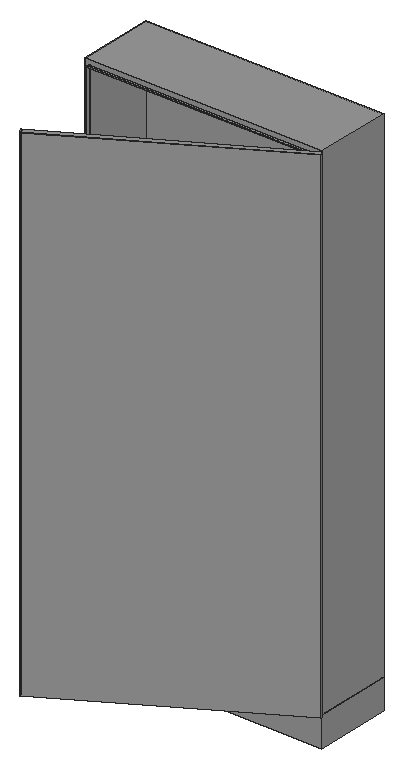
Revit family "Hager-Univers-IP55-D275-H1800-Cl.I-Steel_encl-NoHosted-PL-en", category Equipement électrique, Revit 2020
Family settings
  Configuration du panneau = Deux colonnes, circuits au sein
  Cote de connecteur circulaire = Utiliser le diamètre
  Type d'élément = Tableau de raccordement
  Basée sur le plan de construction = Oui
  Toujours verticalement = Oui
  Couper avec des vides une fois chargée = Non
  Partagée = Non
  Point de calcul de pièce = Non
Parameters (values of type "Floor installation IP55 W800 H1800 D275  - FR13E1")
  Width Control [instance] = if([EF000008 - Width] > Min Width, [EF000008 - Width], Min Width)  # 800 mm
  Commentaires du type = [HG000003 - Range]  # "Univers"
  Thickness Door [instance] = if([EF009171 - Material plate thickness door/cover] > 3 mm, 3 mm, [EF009171 - Material plate thickness door/cover])  # 1.5 mm
  Seal Frame Offset [instance] = 17 mm  # constant formula
  Plinth Visibility [instance] = [HG000027 - Plinth height] > 0 mm  # yes
  Min Width [instance] = 100 mm  # constant formula
  Min Depth [instance] = (2 * [EF009170 - Material plate thickness cabinet]) + 1 mm  # 4 mm
  Min Height [instance] = 100 mm  # constant formula
  Internal Frame Depth [instance] = (Door System Depth * 0.5)  # 9 mm
  Panel Name [instance] = ""  # (empty or 0)
  Model = ""
  HG000027 - Plinth height = 100 mm
  HG000026 - Floor standing = yes
  HG000024 - Bottom section height = 600 mm
  HG000023 - Double section enclosure = no
  HG000016 - Door 3d visibility [instance] = yes
  HG000015 - Clearance visibility [instance] = no
  HG000014 - Door on the right [instance] = yes
  HG000013 - Door on the left [instance] = not([HG000014 - Door on the right])  # no
  HG000012 - Door swing angle [instance] = 30.00°
  HG000010 - Asymmetric doors = no
  HG000009 - Double swing door = no
  HG000006 - Flush mounted = no
  HG000004 - Manufacturer reference = "FR13E1"
  HG000003 - Range = "Univers"
  HG000002 - With door or cover = yes
  Frame Offset Bottom [instance] = 10 mm  # constant formula
  Frame Offset [instance] = 15 mm  # constant formula
  EF015940 - Cover with overpressure release = no
  EF011959 - Degree of protection (NEMA) = ""
  EF009554 - Number of openings for flange plates = 6
  EF009212 - Cover model = "EV000116 - Closed"
  EF009171 - Material plate thickness door/cover = 1.5 mm
  EF009170 - Material plate thickness cabinet = 1.5 mm
  EF008873 - Nominal current (In) = 800 A
  EF007800 - Suitable for lightning protection = no
  EF006306 - With lock = no
  EF006244 - Transparent cover/door = no
  EF005474 - Degree of protection (IP) = "EV006420 - IP55"
  EF004464 - Type of door = "EV002646 - Single"
  EF004427 - Number of modules = 396
  EF004293 - Impact strength = "EV008784 - IK10"
  EF003532 - Suitable for outdoor use = no
  EF002950 - Width in number of modular spacings = 24
  EF001613 - Circuit integrity = "EV000494 - None"
  EF001596 - Material housing = "EV000179 - Steel"
  EF001131 - Internal depth = 275 mm
  EF001088 - Extension possible = yes
  EF000437 - Number of conduit inlets = 6
  EF000339 - Type of cover = "EV004216 - Door"
  EF000266 - Number of rows = 11
  EF000218 - Built-in depth = 0 mm
  EF000118 - With mounting plate = no
  EF000116 - RAL-number = "7035"
  EF000049 - Depth = 275 mm
  EF000040 - Height = 1800 mm
  EF000008 - Width = 800 mm
  EF000007 - Colour = "EV000270 - Grey"
  EF000003 - Mounting method = "EV012274 - Floor installation"
  Door System Leaf Tolerance [instance] = 1.5 mm  # constant formula
  Door System Depth [instance] = 18 mm  # constant formula
  Door Height [instance] = Height Control - [HG000027 - Plinth height]  # 1700 mm
  Description = ""
  Default Elevation = 1219.2 mm
  Connector Offset [instance] = Height Control / 2  # 900 mm
  Fabricant = "Hager"  # constant formula
  Height Control [instance] = if([EF000040 - Height] > Min Height, [EF000040 - Height], Min Height)  # 1800 mm
  Depth Control [instance] = if([EF000049 - Depth] > Min Depth, [EF000049 - Depth], Min Depth)  # 275 mm
  Bottom Top Plate Trim [instance] = 1.5 mm  # constant formula
  Plinth height Ctrl [instance] = if([HG000027 - Plinth height] > 0 mm, [HG000027 - Plinth height], 12 mm)  # 100 mm
Types (5, lengths in mm): name | Width Control | HG000010 - Asymmetric doors | HG000009 - Double swing door | HG000004 - Manufacturer reference | EF009554 - Number of openings for flange plates | EF004464 - Type of door | EF004427 - Number of modules | EF000437 - Number of conduit inlets | EF000008 - Width
  Floor installation IP55 W1050 H1800 D275  - FR14E1 | 1050 | yes | yes | "FR14E1" | 8 | "EV003602 - Double" | 528 | 8 | 1050
  Floor installation IP55 W1300 H1800 D275  - FR15E1 | 1300 | yes | yes | "FR15E1" | 10 | "EV003602 - Double" | 660 | 10 | 1300
  Floor installation IP55 W300 H1800 D275  - FR11E1 | 300 | no | no | "FR11E1" | 2 | "EV002646 - Single" | 132 | 2 | 300
  Floor installation IP55 W550 H1800 D275  - FR12E1 | 550 | no | no | "FR12E1" | 4 | "EV002646 - Single" | 264 | 4 | 550
  Floor installation IP55 W800 H1800 D275  - FR13E1 | 800 | no | no | "FR13E1" | 6 | "EV002646 - Single" | 396 | 6 | 800
Reference planes
  plane 1 "Center (Front/Back)": y = 0
  plane 2: z = 0
  plane 3 "Center (Left/Right)": x = 0
  plane 4: y = 0
  plane 5: y = 0
  plane 6: z = 0
  plane 7: x = -400
  plane 8: x = 400
  plane 9: x = 398.5
  plane 10: x = -398.5
  plane 11: z = 100
  plane 12: z = 101.5
  plane 13: y = -275
  plane 14: y = -1.5
  plane 15: x = 0
  plane 16: y = -257
  plane 17: y = -273.5
  plane 18: y = -255.5
  plane 19: x = -383.5
  plane 20: x = 383.5
  plane 21: z = 111.5
  plane 22: x = -383
  plane 23: x = 383
  plane 24: z = 100
  plane 25: z = 1800
  plane 26: z = 1800
  plane 27: z = 1783.5
  plane 28: z = 1798.5
Forms (mm)
  Extrusion 1, solid, material "Hager_Steel_RAL7035_Light_Grey", detail levels medium+fine
    sketch origin (-208.679, -4572, 100) x (-1, 0, 0) y (0, -1, 0)
      loop
        line (191.321, -4315) -> (-608.679, -4315) -> (-608.679, -4572) -> (191.321, -4572) -> (191.321, -4315)
    from 0 to 1700
  Extrusion 2, void
    sketch origin (-350.771, -275, 1219.2) x (1, 0, 0) y (0, 0, 1)
      loop
        line (-47.729, 579.3) -> (-47.729, -1117.7) -> (749.271, -1117.7) -> (749.271, 579.3) -> (-47.729, 579.3)
    from -19.5 to -273.5
  Extrusion 3, void
    sketch origin (-290.084, -257, 1219.2) x (1, 0, 0) y (0, 0, 1)
      loop
        line (-93.416, -1107.7) -> (673.584, -1107.7) -> (673.584, 564.3) -> (-93.416, 564.3) -> (-93.416, -1107.7)
    from 0 to -1.5
  Extrusion 4, solid, material "Hager_Steel_RAL7035_Light_Grey", visible <- "Plinth Visibility", detail levels medium+fine
    sketch origin (0, 0, 0) x (1, 0, 0) y (0, 1, 0)
      loop
        line (-400, 0) -> (-400, -257) -> (400, -257) -> (400, 0) -> (-400, 0)
    from 0 to 100 <- "Plinth height Ctrl"
  Extrusion 5, solid, material "Hager_Steel_RAL7035_Light_Grey", detail levels coarse
    sketch origin (0, 0, 0) x (1, 0, 0) y (0, 1, 0)
      loop
        line (-400, 0) -> (-400, -275) -> (400, -275) -> (400, 0) -> (-400, 0)
    from 0 to 1800 <- "Height Control"
  Sweep 6, void
    path in 3D
      loop
        line (-400, -257, 100) -> (400, -257, 100) -> (400, 0, 100) -> (-400, 0, 100) -> (-400, -257, 100)
    profile origin (-400, -128.5, 100) x (1, 0, 0) y (0, 0, 1)
      loop
        line (0, 0) -> (0, -1.5) -> (1.5, -1.5)
        arc (1.5, -1.5) -> (1.061, -0.439) -> (0, 0) r 1.5
  Extrusion 7, solid, material "Hager_Steel_RAL7035_Light_Grey", detail levels fine
    sketch origin (-400, -257, 100) x (1, 0, 0) y (0, 0, 1)
      loop
        line (16.5, 11.5) -> (783.5, 11.5) -> (783.5, 1683.5) -> (16.5, 1683.5) -> (16.5, 11.5)
      loop
        line (15, 10) -> (785, 10) -> (785, 1685) -> (15, 1685) -> (15, 10)
    from 0 to 9 <- "Internal Frame Depth"
Cuts and joins
  Extrusion 2, Extrusion 3 cuts Extrusion 1
  Sweep 6 cuts Extrusion 4
Lines and regions (mm)
  Masking region 1
    outline origin (0, 0, 0) x (1, 0, 0) y (0, 1, 0)
      loop
        line (-400, 0) -> (-400, -275) -> (400, -275) -> (400, 0) -> (-400, 0)
  Masking region 2, detail levels coarse
    outline origin (-290.084, -257, 1219.2) x (-1, 0, 0) y (0, 0, 1)
      loop
        line (-690.084, -1219.2) -> (109.916, -1219.2) -> (109.916, 580.8) -> (-690.084, 580.8) -> (-690.084, -1219.2)
  Masking region 3, detail levels coarse
    outline origin (0, 0, 0) x (0, 1, 0) y (0, 0, 1)
      loop
        line (0, 0) -> (0, 1800) -> (-275, 1800) -> (-275, 0) -> (0, 0)
  Masking region 4, visible <- "Plinth Visibility", detail levels medium+fine
    outline origin (0, 0, 0) x (0, 1, 0) y (0, 0, 1)
      loop
        line (-1.5, 100) -> (-255.5, 100)
        arc (-255.5, 100) -> (-255.939, 98.939) -> (-257, 98.5) r 1.5
        line (-257, 98.5) -> (-257, 0) -> (0, 0) -> (0, 98.5)
        arc (0, 98.5) -> (-1.061, 98.939) -> (-1.5, 100) r 1.5
  Masking region 5, detail levels medium+fine
    outline origin (0, 0, 594.038) x (0, 1, 0) y (0, 0, 1)
      loop
        line (0, -494.038) -> (0, 1205.962) -> (-257, 1205.962) -> (-257, -494.038) -> (0, -494.038)
  Masking region 6, detail levels medium+fine
    outline origin (-359.7, -257, 1211.883) x (-1, 0, 0) y (0, 0, 1)
      loop
        line (-759.7, -1111.883) -> (40.3, -1111.883) -> (40.3, 588.117) -> (-759.7, 588.117) -> (-759.7, -1111.883)
  Masking region 7, visible <- "Plinth Visibility", detail levels medium+fine
    outline origin (-320.334, -257, 1041.368) x (-1, 0, 0) y (0, 0, 1)
      loop
        line (-720.334, -1041.368) -> (79.666, -1041.368) -> (79.666, -942.868)
        arc (79.666, -942.868) -> (78.606, -942.429) -> (78.166, -941.368) r 1.5
        line (78.166, -941.368) -> (-718.834, -941.368)
        arc (-718.834, -941.368) -> (-719.273, -942.429) -> (-720.334, -942.868) r 1.5
        line (-720.334, -942.868) -> (-720.334, -1041.368)
  sketch lines
    curve 1: line (-400, 0, 100) -> (-400, -257, 100)
    curve 2: line (-400, -257, 100) -> (400, -257, 100)
    curve 3: line (400, 0, 100) -> (-400, 0, 100)
    curve 4: line (400, -257, 100) -> (400, 0, 100)
Dimensions and locks
  locked: plane 1 "Center (Front/Back)" to plane 5
  "EF009170 - Material plate thickness cabinet": plane 7 to plane 10
  "EF009170 - Material plate thickness cabinet": plane 8 to plane 9
  equal spacing: plane 7, plane 3 "Center (Left/Right)", plane 8
  "Width Control": plane 7 to plane 8
  "Depth Control": plane 4 to plane 13
  "EF009170 - Material plate thickness cabinet": plane 4 to plane 14
  "Height Control": plane 25 to level
  "HG000027 - Plinth height": plane 11 to level
  "EF009170 - Material plate thickness cabinet": plane 12 to plane 11
  "EF009170 - Material plate thickness cabinet": plane 17 to plane 13
  "EF009170 - Material plate thickness cabinet": plane 18 to plane 16
  "Frame Offset Bottom": plane 21 to plane 12
  "Frame Offset": plane 10 to plane 19
  "Frame Offset": plane 9 to plane 20
  "Door System Depth": plane 16 to plane 13
  "Seal Frame Offset": plane 7 to plane 22
  "Seal Frame Offset": plane 8 to plane 23
  "EF009170 - Material plate thickness cabinet": plane 26 to plane 28
  "Frame Offset": plane 28 to plane 27
  "Connector Offset": plane 2 to connector elem
  "Bottom Top Plate Trim": profile plane to Sweep 6 sketch curve
  "Bottom Top Plate Trim": Sweep 6 sketch curve to Sweep 6 sketch curve
  "Plinth height Ctrl": Masking region 4 sketch curve to level
  "Plinth height Ctrl": Masking region 7 sketch curve to level
  "Thickness Door": Extrusion 7 sketch curve to Extrusion 7 sketch curve  (x4)
  "Bottom Top Plate Trim": radius of Sweep 6 sketch curve
  "Bottom Top Plate Trim": radius of Masking region 4 sketch curve  (x2)
  "Bottom Top Plate Trim": radius of Masking region 7 sketch curve  (x2)
  aligned and locked: Extrusion 2 sketch curve to plane 12
  aligned and locked: Extrusion 2 sketch curve to plane 9
  aligned and locked: Extrusion 2 sketch curve to plane 10
  aligned and locked: Extrusion 2 to plane 14
  aligned and locked: Extrusion 1 sketch curve to plane 4
  aligned and locked: plane 8 to Extrusion 1 sketch curve
  aligned and locked: plane 7 to Extrusion 1 sketch curve
  aligned and locked: Extrusion 2 to plane 18
  aligned and locked: Extrusion 3 sketch curve to plane 19
  aligned and locked: plane 20 to Extrusion 3 sketch curve
  aligned and locked: Extrusion 3 to Extrusion 2
  aligned and locked: Extrusion 3 sketch curve to plane 21
  aligned and locked: plane 3 "Center (Left/Right)" to nested 1
  aligned and locked: Extrusion 1 sketch curve to plane 16
  aligned and locked: Extrusion 4 sketch curve to cut or joined group of Extrusion 1, Extrusion 2, Extrusion 3
  aligned and locked: Masking region 1 sketch curve to plane 7
  aligned and locked: Masking region 1 sketch curve to plane 5
  aligned and locked: Masking region 1 sketch curve to plane 8
  aligned and locked: Masking region 2 sketch curve to level
  aligned and locked: level to Masking region 3 sketch curve
  aligned and locked: plane 1 "Center (Front/Back)" to Masking region 3 sketch curve
  aligned and locked: plane 13 to Masking region 3 sketch curve
  aligned and locked: plane 5 to Masking region 4 sketch curve
  aligned and locked: Masking region 2 sketch curve to plane 8
  aligned and locked: Masking region 2 sketch curve to plane 7
  aligned and locked: plane 7 to nested 2
  aligned and locked: nested 2 to plane 5
  aligned and locked: plane 5 to Masking region 5 sketch curve
  aligned and locked: plane 26 to Masking region 5 sketch curve
  aligned and locked: Extrusion 5 sketch curve to plane 8
  aligned and locked: Extrusion 5 sketch curve to plane 7
  aligned and locked: Extrusion 5 sketch curve to plane 5
  aligned and locked: Extrusion 3 sketch curve to plane 27
  aligned and locked: Extrusion 2 sketch curve to plane 28
  aligned and locked: Masking region 2 to plane 25
  aligned and locked: Extrusion 4 to plane 16
  aligned and locked: profile plane to Sweep 6 sketch curve
  aligned and locked: Masking region 5 sketch curve to plane 24
  aligned and locked: level to Masking region 4 sketch curve
  aligned and locked: Masking region 1 to plane 13
  aligned and locked: nested 1 to plane 16
  aligned and locked: Masking region 3 to plane 25
  aligned and locked: plane 16 to Masking region 4 sketch curve
  aligned and locked: Masking region 5 sketch curve to plane 16
  aligned and locked: plane 24 to plane 11
  aligned and locked: plane 26 to plane 25
  aligned and locked: plane 26 to cut or joined group of Extrusion 1, Extrusion 2, Extrusion 3
  aligned and locked: nested 1 to plane 24
  aligned and locked: Extrusion 1 to Extrusion 3
  aligned and locked: Masking region 6 sketch curve to plane 8
  aligned and locked: Masking region 6 sketch curve to plane 24
  aligned and locked: Masking region 6 sketch curve to plane 7
  aligned and locked: Masking region 6 sketch curve to plane 26
  aligned and locked: Masking region 7 sketch curve to plane 7
  aligned and locked: level to Masking region 7 sketch curve
  aligned and locked: Masking region 7 sketch curve to plane 8
  aligned and locked: Extrusion 7 sketch curve to cut or joined group of Extrusion 1, Extrusion 2, Extrusion 3  (x4)
Automatic sketch dimensions
  plane 19 to Extrusion 3 sketch curve = 0 mm
  Extrusion 3 sketch curve to plane 20 = 0 mm
  Extrusion 3 sketch curve to plane 21 = 0 mm
  Extrusion 4 sketch curve to plane 7 = 0 mm
  Extrusion 4 sketch curve to plane 8 = 0 mm
  Extrusion 4 sketch curve to plane 16 = 0 mm
  Masking region 1 sketch curve to plane 13 = 0 mm
  Masking region 2 sketch curve to plane 25 = 0 mm
  Masking region 3 sketch curve to plane 25 = 0 mm
  Extrusion 5 sketch curve to plane 13 = 0 mm
  profile plane to Sweep 6 sketch curve = 0 mm
Nested families
  nested 1: "EC000058_Univers_Door" at (0, -257, 100), Double <- "HG000009 - Double swing door", Transparent <- "EF006244 - Transparent cover/door", Angle <- "HG000012 - Door swing angle", Door_Right <- "HG000014 - Door on the right", Assymetrical <- "HG000010 - Asymmetric doors", Door <- "HG000002 - With door or cover", Width_Ctrl <- "Width Control", 3d_Door <- "HG000016 - Door 3d visibility", Clearance <- "HG000015 - Clearance visibility", Door_Left <- "HG000013 - Door on the left", Width <- "Width Control", Door_Depth <- "Door System Depth", Leaf_Tolerance <- "Door System Leaf Tolerance", Height <- "Door Height", Lock_Visibility <- "EF006306 - With lock", Thickness <- "Thickness Door", type "EC000058_Univers_Door", detail levels medium+fine
    with min_wh 4 mm, Width_Ctrl 800 mm, Width 800 mm, Transparent no, Thickness 1.5 mm, Seal_Material Hager_Rubber, Lock_Visibility no, Lock_Material Hager_Plastic_RAL9005_Jet_Black, Leaf_Width 800 mm, Leaf_Tolerance_External_Sides 0 mm, Leaf_Tolerance 1.5 mm, Leaf_Offset 0 mm, Leaf_Height 1697 mm, Leaf_2_Width 800 mm, Leaf_2_Offset 400 mm, Leaf_1_Width 800 mm, Leaf_1_Offset 400 mm, Height_Ctrl 1700 mm, Height 1700 mm, Glass_Material Hager_Glass, Double_Clearance_Ctrl no, Double no, Door_Right_Ctrl yes, Door_Right yes, Door_Material Hager_Steel_RAL7035_Light_Grey, Door_Left_Ctrl no, Door_Left no, Door_Depth 18 mm, Door yes, Clearance_Material Hager_Clearance, Clearance_Depth 800 mm, Clearance_Ctrl no, Clearance no, Assymetrical no, Angle 30.00°, 3d_Door yes
  nested 2: "Hager_Enclosure_Symbol" at (-400, 0, 0), Height <- "Depth Control", Width <- "Width Control", type "Hager_Enclosure_Symbol"
    with Width_Ctrl 800 mm, Width 800 mm, Height_Ctrl 275 mm, Height 275 mm, A_Width_Int 18.047 mm, A_Width 216.562 mm, A_Height_Ctrl 240.625 mm, A_Height 240.625 mm
Connectors
  electrical at (0, 0, 900)
    settings: on plane 1 "Center (Front/Back)", index 1, voltage 0 V, apparent load 0 VA, apparent load phase1 0 VA, apparent load phase2 0 VA, apparent load phase3 0 VA, power factor 1, load classification "Other", number of poles 1, system type 30, power factor state 1, is connector primary yes, connector utility no, sub classification motor no, connector description ""
Definition of nested family "EC000058_Univers_Door"
  Parameters (values of type "EC000058_Univers_Door")
    min_wh [instance] = (2 * Thickness) + 1 mm  # 11 mm
    Width_Ctrl [instance] = 400 mm
    Width [instance] = 500 mm
    Transparent [instance] = yes
    Thickness [instance] = 5 mm
    Seal_Material [instance] = none
    Lock_Visibility [instance] = yes
    Lock_Material [instance] = none
    Leaf_Width [instance] = if((Width_Ctrl - 2 * Leaf_Tolerance_External_Sides) > 0 mm, (Width_Ctrl - 2 * Leaf_Tolerance_External_Sides), min_wh)  # 400 mm
    Leaf_Tolerance_External_Sides [instance] = 0 mm  # constant formula
    Leaf_Tolerance [instance] = 1.5 mm
    Leaf_Offset [instance] = 0 mm  # constant formula
    Leaf_Height [instance] = if((Height_Ctrl - 2 * Leaf_Tolerance) > 0 mm, (Height_Ctrl - 2 * Leaf_Tolerance), min_wh)  # 497 mm
    Leaf_2_Width [instance] = if(and(and(Double, Assymetrical), Door_Left), (Leaf_Width / 3) - (Leaf_Tolerance / 2), if(and(and(Double, Assymetrical), Door_Right), (Leaf_Width / 3) * 2 - (Leaf_Tolerance / 2), if(and(Double, not(Assymetrical)), (Leaf_Width / 2) - Leaf_Tolerance, Leaf_Width)))  # 400 mm
    Leaf_2_Offset [instance] = if(and(Double, Assymetrical), Leaf_2_Width / 2, if(and(Double, not(Assymetrical)), Leaf_Width / 4, Leaf_Width / 2))  # 200 mm
    Leaf_1_Width [instance] = if(and(and(Double, Assymetrical), Door_Right), (Leaf_Width / 3) - (Leaf_Tolerance / 2), if(and(and(Double, Assymetrical), Door_Left), (Width / 3) * 2 - (Leaf_Tolerance / 2), if(and(Double, not(Assymetrical)), (Leaf_Width / 2) - Leaf_Tolerance, Leaf_Width)))  # 400 mm
    Leaf_1_Offset [instance] = if(and(Double, Assymetrical), Leaf_1_Width / 2, if(and(Double, not(Assymetrical)), Leaf_Width / 4, Leaf_Width / 2))  # 200 mm
    Height_Ctrl [instance] = if(Height > min_wh, Height, min_wh)  # 500 mm
    Height [instance] = 500 mm
    Glass_Material [instance] = none
    Double_Clearance_Ctrl [instance] = and(Double, Clearance)  # no
    Double [instance] = no
    Door_Right_Ctrl [instance] = and(or(Door_Right, Double), Door)  # yes
    Door_Right [instance] = yes
    Door_Material [instance] = none
    Door_Left_Ctrl [instance] = and(or(Door_Left, Double), Door)  # no
    Door_Left [instance] = no
    Door_Depth [instance] = 30 mm
    Door [instance] = yes
    Default Elevation = 1219.2 mm
    Clearance_Material [instance] = none
    Clearance_Depth [instance] = if(Leaf_1_Width > Leaf_2_Width, Leaf_1_Width, Leaf_2_Width)  # 400 mm
    Clearance_Ctrl [instance] = and(not(Double), Clearance)  # yes
    Clearance [instance] = yes
    Assymetrical [instance] = yes
    Angle [instance] = 30.00°
    3d_Door [instance] = yes
  Reference planes
    plane 1 "Center (Front/Back)": y = 0
    plane 2 "Bottom": z = 0
    plane 3 "Center (Left/Right)": x = 0
    plane 4: z = 500
    plane 5: x = -200
    plane 6: x = 200
    plane 7: z = 500
    plane 8: x = -200
    plane 9: z = 0
    plane 10: x = 200
    plane 11: y = 0
    plane 12: z = 1.5
    plane 13: x = -600
    plane 14: y = -400
    plane 15: x = 600
    plane 16: x = 0
    plane 17: x = 0
    plane 18: x = -200
    plane 19: x = 200
    plane 20: z = 498.5
  Forms (mm)
    Extrusion 1, solid, material <- "Clearance_Material", visible <- "Double_Clearance_Ctrl"
      sketch origin (1200, 0, 0) x (1, 0, 0) y (0, 0, -1)
        loop
          line (-1800, -498.5) -> (-600, -498.5) -> (-600, 0) -> (-1800, 0) -> (-1800, -498.5)
      from 0 to -400
  Dimensions and locks
    equal spacing: plane 5, plane 3 "Center (Left/Right)", plane 6
    "Width_Ctrl": plane 5 to plane 6
    "Leaf_Offset": plane 5 to plane 8
    "Leaf_Offset": plane 6 to plane 10
    "Leaf_Offset": plane 9 to level
    "Leaf_Offset": plane 4 to plane 7
    "Height_Ctrl": plane 4 to level
    "Leaf_Tolerance": plane 12 to plane 9
    locked: plane 11 to plane 1 "Center (Front/Back)"
    "Leaf_1_Offset": plane 18 to plane 16
    "Leaf_2_Offset": plane 17 to plane 19
    "Leaf_1_Width": plane 13 to plane 8
    "Leaf_2_Width": plane 10 to plane 15
    "Clearance_Depth": plane 14 to plane 1 "Center (Front/Back)"
    "Leaf_Tolerance_External_Sides": plane 8 to plane 18
    "Leaf_Tolerance_External_Sides": plane 19 to plane 10
    "Leaf_Tolerance": plane 7 to plane 20
    aligned and locked: level to plane 2 "Bottom"
    aligned and locked: nested 1 to plane 16
    aligned and locked: nested 2 to plane 17
    aligned and locked: Extrusion 1 to plane 13
    aligned and locked: plane 15 to Extrusion 1
    aligned and locked: Extrusion 1 to plane 14
    aligned and locked: plane 12 to nested 1
    aligned and locked: nested 2 to plane 12
    aligned and locked: Extrusion 1 to plane 11
    aligned and locked: plane 20 to Extrusion 1
    aligned and locked: nested 2 to plane 11
    aligned and locked: nested 1 to plane 11
  Automatic sketch dimensions
    Extrusion 1 sketch curve to level = 0 mm
    plane 5 to Extrusion 1 sketch curve = 400 mm
    plane 6 to Extrusion 1 sketch curve = 400 mm
    Extrusion 1 sketch curve to plane 4 = 1.5 mm
  Nested families
    nested 1: "EC000058_Univers_Door_Leaf" at (0, 0, 1.5), Width <- "Leaf_1_Width", visible <- "Door_Left_Ctrl", Leaf_Height <- "Leaf_Height", Angle <- "Angle", 3d_Door <- "3d_Door", Transparent <- "Transparent", Clearance Material <- "Clearance_Material", Clearance <- "Clearance_Ctrl", Door_Material <- "Door_Material", Glass_Material <- "Glass_Material", Door_Depth <- "Door_Depth", Lock_Material <- "Lock_Material", Seal_Material <- "Seal_Material", Lock_Visibility <- "Lock_Visibility", Thickness <- "Thickness", type "EC000058_Univers_Door_Leaf"
      with Width 400 mm, Transparent_Glass_Offset 30 mm, Transparent_Ctrl yes, Transparent yes, Thickness 5 mm, Standard no, Seal_Material none, Seal_D2 8 mm, Seal_D1 1 mm, Offset_Internal_Frame 10 mm, Lock_Width 20 mm, Lock_Visibility_3d yes, Lock_Visibility yes, Lock_Thickness_3 3 mm, Lock_Thickness_2 1 mm, Lock_Thickness_1 3 mm, Lock_Radius_Offset_2 16 mm, Lock_Radius_Offset_1 15 mm, Lock_Radius_2 5 mm, Lock_Radius 6 mm, Lock_Offset 5 mm, Lock_Material none, Lock_Height 80 mm, Lock_Cover_Top_Offset_2d 17 mm, Lock_Cover_Height -65 mm, Leaf_Height 497 mm, Internal_Seal_Thickness 8 mm, Internal_Seal_Depth_2 4.5 mm, Internal_Frame_Depth 25 mm, Glass_Thickness -1 mm, Glass_Offset -2 mm, Glass_Material none, Door_Material none, Door_Depth 30 mm, Clearance Material none, Clearance yes, Angle_Ctrl 30.00°, Angle 30.00°, 3d_Door yes
    nested 2: "EC000058_Univers_Door_Leaf" at (0, 0, 1.5) x (-1, 0, 0) z (0, 0, 1), Width <- "Leaf_2_Width", visible <- "Door_Right_Ctrl", Leaf_Height <- "Leaf_Height", Angle <- "Angle", 3d_Door <- "3d_Door", Transparent <- "Transparent", Clearance Material <- "Clearance_Material", Clearance <- "Clearance_Ctrl", Door_Material <- "Door_Material", Glass_Material <- "Glass_Material", Door_Depth <- "Door_Depth", Lock_Material <- "Lock_Material", Seal_Material <- "Seal_Material", Lock_Visibility <- "Lock_Visibility", Thickness <- "Thickness", type "EC000058_Univers_Door_Leaf"
      with Width 400 mm, Transparent_Glass_Offset 30 mm, Transparent_Ctrl yes, Transparent yes, Thickness 5 mm, Standard no, Seal_Material none, Seal_D2 8 mm, Seal_D1 1 mm, Offset_Internal_Frame 10 mm, Lock_Width 20 mm, Lock_Visibility_3d yes, Lock_Visibility yes, Lock_Thickness_3 3 mm, Lock_Thickness_2 1 mm, Lock_Thickness_1 3 mm, Lock_Radius_Offset_2 16 mm, Lock_Radius_Offset_1 15 mm, Lock_Radius_2 5 mm, Lock_Radius 6 mm, Lock_Offset 5 mm, Lock_Material none, Lock_Height 80 mm, Lock_Cover_Top_Offset_2d 17 mm, Lock_Cover_Height -65 mm, Leaf_Height 497 mm, Internal_Seal_Thickness 8 mm, Internal_Seal_Depth_2 4.5 mm, Internal_Frame_Depth 25 mm, Glass_Thickness -1 mm, Glass_Offset -2 mm, Glass_Material none, Door_Material none, Door_Depth 30 mm, Clearance Material none, Clearance yes, Angle_Ctrl 30.00°, Angle 30.00°, 3d_Door yes
  Definition of nested family "EC000058_Univers_Door_Leaf"
    Parameters (values of type "EC000058_Univers_Door_Leaf")
      Width [instance] = 2000 mm
      Transparent_Glass_Offset [instance] = 30 mm
      Transparent_Ctrl [instance] = and(Transparent, [3d_Door])  # yes
      Transparent [instance] = yes
      Thickness [instance] = 5 mm
      Standard [instance] = and(not(Transparent), [3d_Door])  # no
      Seal_Material [instance] = none
      Seal_D2 [instance] = 8 mm  # constant formula
      Seal_D1 [instance] = 1 mm  # constant formula
      Offset_Internal_Frame [instance] = 10 mm  # constant formula
      Lock_Width [instance] = 20 mm  # constant formula
      Lock_Visibility_3d [instance] = and(Lock_Visibility, [3d_Door])  # yes
      Lock_Visibility [instance] = yes
      Lock_Thickness_3 [instance] = 3 mm  # constant formula
      Lock_Thickness_2 [instance] = 1 mm  # constant formula
      Lock_Thickness_1 [instance] = 3 mm  # constant formula
      Lock_Radius_Offset_2 [instance] = Lock_Radius_Offset_1 + 1 mm  # 16 mm
      Lock_Radius_Offset_1 [instance] = 15 mm  # constant formula
      Lock_Radius_2 [instance] = Lock_Radius - 1 mm  # 5 mm
      Lock_Radius [instance] = 6 mm  # constant formula
      Lock_Offset [instance] = 5 mm  # constant formula
      Lock_Material [instance] = none
      Lock_Height [instance] = 80 mm  # constant formula
      Lock_Cover_Top_Offset_2d [instance] = Lock_Radius_Offset_2 + 1 mm  # 17 mm
      Lock_Cover_Height [instance] = -(Lock_Height - Lock_Radius_Offset_1)  # -65 mm
      Leaf_Height [instance] = 2720.336 mm
      Internal_Seal_Thickness [instance] = 8 mm  # constant formula
      Internal_Seal_Depth_2 [instance] = 4.5 mm  # constant formula
      Internal_Frame_Depth [instance] = if(Door_Depth - Thickness > 5 mm, Door_Depth - Thickness, 5 mm)  # 25 mm
      Glass_Thickness [instance] = if(Thickness > 15 mm, Glass_Offset + 10 mm, -1 mm)  # -1 mm
      Glass_Offset [instance] = if(Thickness > 15 mm, -(Thickness + 10 mm) / 2, -2 mm)  # -2 mm
      Glass_Material [instance] = none
      Door_Material [instance] = none
      Door_Depth [instance] = 30 mm
      Default Elevation = 0 mm
      Clearance Material [instance] = none
      Clearance [instance] = yes
      Angle_Ctrl [instance] = if(Angle > 180.00°, 180.00°, Angle)  # 90.00°
      Angle [instance] = 90.00°
      3d_Door [instance] = yes
    Reference planes
      plane 1 "Center (Front/Back)": y = 0
      plane 2: z = 0
      plane 3 "Center (Left/Right)": x = 0
      plane 4: y = 2000
      plane 5: x = -1000
      plane 6: x = 1000
      plane 7: x = -3000
      plane 8: z = 2720.336
      plane 9: z = 30
      plane 10: z = 2690.336
      plane 11: x = 970
      plane 12: x = -970
      plane 13: y = -3
      plane 14: z = 107.833
      plane 15: y = -5
      plane 16: y = -223.314
      plane 17: x = -1000
      plane 18: z = 1360.168
      plane 19: y = 30
    Forms (mm)
      Extrusion 1, solid, material <- "Clearance Material", visible <- "Clearance"
        sketch origin (0, 0, 0) x (1, 0, 0) y (0, 0, 1)
          loop
            line (-3000, 2720.336) -> (-3000, 0) -> (1000, 0) -> (1000, 2720.336) -> (-3000, 2720.336)
        from 0 to -2000
      Extrusion 2, solid, material <- "Door_Material", visible <- "Standard", detail levels medium+fine
        sketch origin (-1000, 0, 0) x (0, 1, 0) y (-1, 0, 0)
          loop
            line (0, 30) -> (0, 25) -> (2000, 25) -> (2000, 30) -> (0, 30)
        from 0 to 2720.336 <- "Leaf_Height"
      Extrusion 3, solid, material <- "Door_Material", visible <- "Transparent_Ctrl", detail levels medium+fine
        sketch origin (-1000, 0, 0) x (0, 1, 0) y (-1, 0, 0)
          loop
            line (0, 25) -> (2000, 25) -> (2000, 30) -> (0, 30) -> (0, 25)
        from 0 to 2720.336 <- "Leaf_Height"
      Extrusion 4, void
        sketch origin (-1025, 2000, 0) x (0, 1, 0) y (0, 0, -1)
          loop
            line (-30, -2690.336) -> (-30, -30) -> (-1970, -30) -> (-1970, -2690.336) -> (-30, -2690.336)
        from 0 to 5 <- "Thickness"
      Sweep 5, solid, material <- "Seal_Material", visible <- "Transparent_Ctrl", detail levels fine
        path in 3D
          loop
            line (-1025, 30, 30) -> (-1025, 30, 2690.336) -> (-1025, 1970, 2690.336) -> (-1025, 1970, 30) -> (-1025, 30, 30)
        profile origin (-1025, 1000, 30) x (1, 0, 0) y (0, 0, 1)
          loop
            line (0, 0) -> (0, -8) -> (1, -8) -> (1, 0) -> (0, 0)
      Extrusion 6, solid, material <- "Glass_Material", visible <- "Transparent_Ctrl", detail levels medium+fine
        sketch origin (-1030, 0, 0) x (0, 1, 0) y (0, 0, -1)
          loop
            line (1970, -2690.336) -> (1970, -30) -> (30, -30) -> (30, -2690.336) -> (1970, -2690.336)
        from -2 <- "Glass_Offset" to -1 <- "Glass_Thickness"
      Extrusion 7, solid, material <- "Door_Material", visible <- "3d_Door", detail levels medium+fine
        sketch origin (-1025, 2000, 0) x (0, -1, 0) y (0, 0, -1)
          loop
            line (0, -2720.336) -> (2000, -2720.336) -> (2000, 0) -> (0, 0) -> (0, -2720.336)
          loop
            line (1995, -5) -> (5, -5) -> (5, -2715.336) -> (1995, -2715.336) -> (1995, -5)
        from 0 to 25 <- "Internal_Frame_Depth"
      Sweep 8, solid, material <- "Seal_Material", visible <- "Transparent_Ctrl", detail levels fine
        path in 3D
          loop
            line (-1025, 0, 0) -> (-1025, 2000, 0) -> (-1025, 2000, 2720.336) -> (-1025, 0, 2720.336) -> (-1025, 0, 0)
        profile origin (-1025, 0, 1360.168) x (1, 0, 0) y (0, 1, 0)
          loop
            line (0, 10) -> (2.975, 10)
            arc (2.975, 10) -> (4.053, 10.447) -> (4.5, 11.525) r 1.525
            line (4.5, 11.525) -> (4.5, 16.527)
            arc (4.5, 16.527) -> (4.069, 17.569) -> (3.027, 18) r 1.473
            line (3.027, 18) -> (0, 18) -> (0, 10)
      Extrusion 9, solid, material <- "Lock_Material", visible <- "Lock_Visibility_3d", detail levels fine
        sketch origin (-1030, 0, 0) x (0, 1, 0) y (0, 0, -1)
          loop
            arc (1993.5, -1400.168) -> (1994.561, -1399.729) -> (1995, -1398.668) r 1.5
            line (1995, -1398.668) -> (1995, -1320.168) -> (1975, -1320.168) -> (1975, -1398.668)
            arc (1975, -1398.668) -> (1975.439, -1399.729) -> (1976.5, -1400.168) r 1.5
            line (1976.5, -1400.168) -> (1993.5, -1400.168)
        from 3 <- "Lock_Thickness_1" to 0
      Blend 10, solid, material <- "Lock_Material", visible <- "Lock_Visibility_3d", detail levels fine
        base sketch origin (-1033, 0, 0) x (0, 1, 0) y (0, 0, -1)
          loop
            line (1975, -1320.168) -> (1975, -1398.668)
            arc (1975, -1398.668) -> (1975.439, -1399.729) -> (1976.5, -1400.168) r 1.5
            line (1976.5, -1400.168) -> (1993.5, -1400.168)
            arc (1993.5, -1400.168) -> (1994.561, -1399.729) -> (1995, -1398.668) r 1.5
            line (1995, -1398.668) -> (1995, -1320.168) -> (1975, -1320.168)
        top sketch origin (-1033, 0, 0) x (0, 1, 0) y (0, 0, -1)
          loop
            line (1976, -1320.168) -> (1976, -1398.668)
            arc (1976, -1398.668) -> (1976.146, -1399.022) -> (1976.5, -1399.168) r 0.5
            line (1976.5, -1399.168) -> (1993.5, -1399.168)
            arc (1993.5, -1399.168) -> (1993.854, -1399.022) -> (1994, -1398.668) r 0.5
            line (1994, -1398.668) -> (1994, -1320.168) -> (1976, -1320.168)
        from 0 to 1 <- "Lock_Thickness_2"
      Blend 11, solid, material <- "Lock_Material", visible <- "Lock_Visibility_3d", detail levels fine
        base sketch origin (-1034, 0, 0) x (0, 1, 0) y (0, 0, -1)
          loop
            line (1978, -1320.168) -> (1978, -1384.168)
            arc (1978, -1384.168) -> (1985, -1391.168) -> (1992, -1384.168) r 7
            line (1992, -1384.168) -> (1992, -1320.168) -> (1978, -1320.168)
        top sketch origin (-1034, 0, 0) x (0, 1, 0) y (0, 0, -1)
          loop
            line (1991, -1320.168) -> (1979, -1320.168) -> (1979, -1383.168)
            arc (1979, -1383.168) -> (1985, -1389.168) -> (1991, -1383.168) r 6
            line (1991, -1383.168) -> (1991, -1320.168)
        from 0 to 3 <- "Lock_Thickness_3"
      Extrusion 12, solid, material <- "Lock_Material", visible <- "Lock_Visibility_3d", detail levels fine
        sketch origin (-1030, 1975, 1320.168) x (1, 0, 0) y (0, -1, 0)
          loop
            line (-7, -19) -> (-7, -1) -> (0, -1) -> (0, 0) -> (-8, 0) -> (-8, -20) -> (0, -20) -> (0, -19) -> (-7, -19)
        from 0 to -65 <- "Lock_Cover_Height"
      Extrusion 13, void
        sketch origin (-1038, 1995, 1320.168) x (-1, 0, 0) y (0, 0, -1)
          loop
            line (-5, -65) -> (0, -65) -> (-5, -60) -> (-5, -65)
        from 0 to 20 <- "Lock_Width"
      Extrusion 14, void
        sketch origin (-1038, 1975, 1320.168) x (0, -1, 0) y (0, 0, -1)
          loop
            circle (-10, -15.995) r 6
          loop
            circle (-10, -15.995) r 5
        from 0 to 2
      Extrusion 15, solid, material <- "Lock_Material", visible <- "Lock_Visibility_3d", detail levels medium
        sketch origin (-1030, 0, 0) x (0, 1, 0) y (0, 0, -1)
          loop
            arc (1993.5, -1400.168) -> (1994.561, -1399.729) -> (1995, -1398.668) r 1.5
            line (1995, -1398.668) -> (1995, -1320.168) -> (1975, -1320.168) -> (1975, -1398.668)
            arc (1975, -1398.668) -> (1975.439, -1399.729) -> (1976.5, -1400.168) r 1.5
            line (1976.5, -1400.168) -> (1993.5, -1400.168)
        from 8 to 0
    Cuts and joins
      Extrusion 4 cuts Extrusion 3
      Extrusion 13, Extrusion 14 cuts Extrusion 9
      Extrusion 14 cuts Blend 11
      Extrusion 13, Extrusion 14 cuts Extrusion 12
      joined: Extrusion 9, Blend 10, Blend 11, Extrusion 12
      Extrusion 14 cuts Extrusion 15
    Lines and regions (mm)
      Masking region 1, visible <- "Lock_Visibility", detail levels fine
        outline origin (0, 0, 0) x (0, 1, 0) y (0, 0, 1)
          loop
            line (30, 1320.168) -> (33, 1320.168) -> (33, 1400.168) -> (30, 1400.168) -> (30, 1320.168)
      Masking region 2, visible <- "Lock_Visibility", detail levels fine
        outline origin (0, 3.143, 0) x (0, 1, 0) y (0, 0, 1)
          loop
            line (29.857, 1354.168) -> (30.857, 1354.168) -> (30.857, 1366.168) -> (29.857, 1366.168) -> (29.857, 1354.168)
      Masking region 3, detail levels medium+fine
        outline origin (0, 0, 0) x (0, 1, 0) y (0, 0, 1)
          loop
            line (0, 0) -> (30, 0) -> (30, 2720.336) -> (0, 2720.336) -> (0, 0)
      Masking region 4, detail levels medium+fine
        outline origin (0, 0, 0) x (1, 0, 0) y (0, 0, 1)
          loop
            line (-1000, 2720.336) -> (-1000, 0) -> (1000, 0) -> (1000, 2720.336) -> (-1000, 2720.336)
      Masking region 5, visible <- "Lock_Visibility", detail levels fine
        outline origin (-47.116, 0, 0) x (1, 0, 0) y (0, 0, 1)
          loop
            arc (1024.616, 1399.168) -> (1023.556, 1398.729) -> (1023.116, 1397.668) r 1.5
            line (1023.116, 1397.668) -> (1023.116, 1320.168) -> (1041.116, 1320.168) -> (1041.116, 1397.668)
            arc (1041.116, 1397.668) -> (1040.677, 1398.729) -> (1039.616, 1399.168) r 1.5
            line (1039.616, 1399.168) -> (1024.616, 1399.168)
      Masking region 6, visible <- "Lock_Visibility", detail levels medium+fine
        outline origin (-25, 0, 0) x (1, 0, 0) y (0, 0, 1)
          loop
            arc (1001.5, 1400.168) -> (1000.439, 1399.729) -> (1000, 1398.668) r 1.5
            line (1000, 1398.668) -> (1000, 1320.168) -> (1020, 1320.168) -> (1020, 1398.668)
            arc (1020, 1398.668) -> (1019.561, 1399.729) -> (1018.5, 1400.168) r 1.5
            line (1018.5, 1400.168) -> (1001.5, 1400.168)
      Masking region 7, visible <- "Lock_Visibility", detail levels fine
        outline origin (-73.735, 0, 0) x (1, 0, 0) y (0, 0, 1)
          loop
            line (1051.735, 1382.168) -> (1065.735, 1382.168) -> (1065.735, 1384.168)
            arc (1065.735, 1384.168) -> (1058.735, 1391.168) -> (1051.735, 1384.168) r 7
            line (1051.735, 1384.168) -> (1051.735, 1382.168)
      Masking region 8, visible <- "Lock_Visibility", detail levels fine
        outline origin (-73.735, 0, 0) x (1, 0, 0) y (0, 0, 1)
          loop
            line (1052.735, 1382.168) -> (1064.735, 1382.168) -> (1064.735, 1383.168)
            arc (1064.735, 1383.168) -> (1058.735, 1389.168) -> (1052.735, 1383.168) r 6
            line (1052.735, 1383.168) -> (1052.735, 1382.168)
      Masking region 9, visible <- "Lock_Visibility", detail levels fine
        outline origin (-25, 0, 0) x (1, 0, 0) y (0, 0, 1)
          loop
            line (1020, 1320.168) -> (1020, 1382.168) -> (1000, 1382.168) -> (1000, 1320.168) -> (1020, 1320.168)
      Masking region 10, detail levels medium+fine
        outline origin (0, 0, 0) x (1, 0, 0) y (0, 0, 1)
          loop
            circle (985, 1335.144) r 6
      Masking region 11, detail levels fine
        outline origin (0, 0, 0) x (1, 0, 0) y (0, 0, 1)
          loop
            circle (985, 1335.144) r 5
      Masking region 12, visible <- "Lock_Visibility", detail levels fine
        outline origin (0, 12.767, 0) x (0, 1, 0) y (0, 0, 1)
          loop
            line (20.233, 1320.168) -> (21.233, 1320.168) -> (21.233, 1399.168) -> (20.233, 1400.168) -> (20.233, 1320.168)
      Masking region 13, visible <- "Lock_Visibility", detail levels fine
        outline origin (0, 13.767, -10) x (0, 1, 0) y (0, 0, 1)
          loop
            line (20.233, 1330.168) -> (23.233, 1330.168) -> (23.233, 1399.168) -> (20.233, 1402.168) -> (20.233, 1330.168)
      Masking region 14, visible <- "Lock_Visibility", detail levels fine
        outline origin (0, 12.767, -10) x (0, 1, 0) y (0, 0, 1)
          loop
            line (20.233, 1330.168) -> (25.233, 1330.168) -> (25.233, 1399.305) -> (20.233, 1394.305) -> (20.233, 1330.168)
      Masking region 15, visible <- "Lock_Visibility", detail levels medium
        outline origin (0, 0, 0) x (0, 1, 0) y (0, 0, 1)
          loop
            line (30, 1320.168) -> (38, 1320.168) -> (38, 1400.168) -> (30, 1400.168) -> (30, 1320.168)
      Masking region 16, visible <- "Lock_Visibility", detail levels fine
        outline origin (-1000, 0, 0) x (0, 1, 0) y (-1, 0, 0)
          loop
            line (1975, 30) -> (1995, 30) -> (1995, 38) -> (1975, 38) -> (1975, 30)
          loop
            line (1979, 37) -> (1976, 37) -> (1976, 34) -> (1978, 34) -> (1979, 37)
          loop
            line (1994, 37) -> (1991, 37) -> (1992, 34) -> (1994, 34) -> (1994, 37)
      Masking region 17, visible <- "Lock_Visibility", detail levels medium
        outline origin (-1000, 0, 0) x (0, 1, 0) y (-1, 0, 0)
          loop
            line (1975, 30) -> (1995, 30) -> (1995, 38) -> (1975, 38) -> (1975, 30)
      symbolic lines
        curve 1: line (1000, 0, 0) -> (-3000, 0, 0)
        curve 2: arc (1000, 0, 0) -> (-1000, 2000, 0) -> (-3000, 0, 0) r 2000
        curve 4: line (-1030, 0, 0) -> (-1030, 2000, 0)
      reference lines
        curve 3: line (-1000, 0, 0) -> (-1000, 2000, 0)
      symbolic lines, detail levels medium+fine
        curve 5: line (-1030, 2000, 0) -> (-1025, 2000, 0)
        curve 7: line (-1025, 0, 0) -> (-1030, 0, 0)
        curve 8: line (-1025, 0, 0) -> (-1000, 0, 0)
        curve 9: line (-1000, 0, 0) -> (-1000, 2000, 0)
        curve 10: line (-1000, 2000, 0) -> (-1025, 2000, 0)
      symbolic lines, detail levels fine
        curve 6: line (-1025, 2000, 0) -> (-1025, 0, 0)
      sketch lines
        curve 11: line (-1025, 0, 2720.336) -> (-1025, 0, 0)
        curve 12: line (-1025, 2000, 0) -> (-1025, 0, 0)
        curve 13: line (-1025, 2000, 2720.336) -> (-1025, 2000, 0)
        curve 14: line (-1025, 0, 2720.336) -> (-1025, 2000, 2720.336)
        curve 15: line (-1025, 1970, 30) -> (-1025, 30, 30)
        curve 16: line (-1025, 30, 30) -> (-1025, 30, 2690.336)
        curve 17: line (-1025, 1970, 2690.336) -> (-1025, 1970, 30)
        curve 18: line (-1025, 30, 2690.336) -> (-1025, 1970, 2690.336)
      symbolic lines, visible <- "Transparent", detail levels medium+fine
        curve 19: line (-970, 0, 2690.336) -> (970, 0, 2690.336)
        curve 20: line (-970, 0, 30) -> (-970, 0, 2690.336)
        curve 21: line (970, 0, 30) -> (-970, 0, 30)
        curve 22: line (970, 0, 2690.336) -> (970, 0, 30)
    Dimensions and locks
      "Width": plane 1 "Center (Front/Back)" to plane 4
      equal spacing: plane 5, plane 3 "Center (Left/Right)", plane 6
      "Width": plane 5 to plane 6
      "Width": plane 7 to plane 5
      "Leaf_Height": plane 8 to level
      "Width": curve 5 to curve 3
      "Width": curve 3 to curve 3
      plane 8 to plane 10 = 30 mm
      plane 9 to level = 30 mm
      plane 12 to plane 5 = 30 mm
      plane 6 to plane 11 = 30 mm
      Extrusion 1 to Extrusion 4 sketch curve = 30 mm
      "Transparent_Glass_Offset": curve 3 to Extrusion 4 sketch curve
      "Transparent_Glass_Offset": Extrusion 4 sketch curve to cut or joined group of Extrusion 3, Extrusion 4  (x2)
      cut or joined group of Extrusion 3, Extrusion 4 to Extrusion 6 sketch curve = 30 mm
      "Transparent_Glass_Offset": cut or joined group of Extrusion 3, Extrusion 4 to Extrusion 4 sketch curve
      "Thickness": curve 6 to curve 4
      "Thickness": Extrusion 7 sketch curve to Extrusion 7 sketch curve  (x4)
      "Door_Depth": curve 4 to curve 3
      "Offset_Internal_Frame": profile plane to Sweep 8 sketch curve
      "Internal_Seal_Thickness": Sweep 8 sketch curve to Sweep 8 sketch curve
      "Internal_Seal_Depth_2": profile plane to Sweep 8 sketch curve
      "Seal_D1": profile plane to Sweep 5 sketch curve
      "Seal_D2": profile plane to Sweep 5 sketch curve
      "Thickness": Extrusion 2 sketch curve to Extrusion 2 sketch curve
      equal spacing: Extrusion 9 sketch curve, plane 18, Extrusion 9 sketch curve  (x2)
      equal spacing: Masking region 1 sketch curve, plane 18, Masking region 1 sketch curve
      "Lock_Height": Masking region 1 sketch curve to Masking region 1 sketch curve
      "Lock_Radius": Masking region 2 sketch curve to plane 18 to Masking region 2 sketch curve
      Masking region 2 sketch curve to Masking region 1 = 1 mm
      "Door_Depth": plane 19 to plane 1 "Center (Front/Back)"
      "Lock_Thickness_1": Masking region 1 sketch curve to plane 19
      "Lock_Width": Extrusion 9 sketch curve to Extrusion 9 sketch curve
      "Lock_Height": Extrusion 9 sketch curve to Extrusion 9 sketch curve
      "Lock_Offset": cut or joined group of Extrusion 3, Extrusion 4 to Extrusion 9 sketch curve
      equal spacing: plane 8, plane 18, level
      "Lock_Radius_Offset_1": Blend 11 sketch curve to Blend 10
      locked: Blend 10 to Blend 11 sketch curve at 2  (x2)
      locked: var sketch to Blend 11 sketch curve at 1  (x2)
      "Lock_Radius_Offset_2": Blend 11 sketch curve to Blend 10
      locked: Extrusion 12 sketch curve to Extrusion 12 sketch curve at 1  (x3)
      Masking region 6 sketch curve to Masking region 6 sketch curve = 80 mm
      "Lock_Height": Masking region 6 sketch curve to Masking region 6 sketch curve
      "Lock_Width": Masking region 6 sketch curve to Masking region 6 sketch curve
      locked: Masking region 6 to Masking region 5 sketch curve at 1  (x3)
      locked: Masking region 5 to Masking region 7 sketch curve at 2  (x2)
      "Lock_Radius_Offset_1": Masking region 5 to Masking region 7 sketch curve
      "Lock_Radius_Offset_2": Masking region 5 to Masking region 8 sketch curve
      locked: Masking region 7 to Masking region 8 sketch curve at 1  (x2)
      "Lock_Cover_Top_Offset_2d": Masking region 5 to Masking region 9 sketch curve
      equal spacing: Masking region 9, Masking region 10 sketch curve, Masking region 9
      equal spacing: Masking region 9, Masking region 11 sketch curve, Masking region 9
      Extrusion 15 sketch curve to Extrusion 15 sketch curve = 80 mm
      "Lock_Width": Extrusion 15 sketch curve to Extrusion 15 sketch curve
      "Lock_Height": Extrusion 15 sketch curve to Extrusion 15 sketch curve
      equal spacing: Extrusion 15 sketch curve, plane 18, Extrusion 15 sketch curve
      "Lock_Thickness_3": Masking region 13 sketch curve to Masking region 13 sketch curve
      "Lock_Height": Masking region 12 sketch curve to Masking region 12 sketch curve
      locked: Masking region 13 sketch curve to Masking region 1 at 8
      locked: Masking region 14 sketch curve to Masking region 13 at 1
      locked: Masking region 14 sketch curve to Masking region 1 at 10.863
      "Lock_Height": Masking region 15 sketch curve to Masking region 15 sketch curve
      "Lock_Offset": Extrusion 15 sketch curve to cut or joined group of Extrusion 3, Extrusion 4
      "Lock_Offset": plane 6 to Masking region 6 sketch curve
      radius of Sweep 8 sketch curve = 1.525 mm
      radius of Sweep 8 sketch curve = 1.473 mm
      radius of Extrusion 9 sketch curve = 1.5 mm  (x2)
      "Lock_Radius": radius of Extrusion 14 sketch curve
      "Lock_Radius_2": radius of Extrusion 14 sketch curve
      "Lock_Radius": radius of Masking region 10 sketch curve
      "Lock_Radius_2": radius of Masking region 11 sketch curve
      radius of Extrusion 15 sketch curve = 1.5 mm  (x2)
      "Angle_Ctrl": angle plane 1 "Center (Front/Back)" to curve 3
      locked: Masking region 12 sketch curve to Masking region 12 sketch curve (angle 45.00°)
      locked: Masking region 13 sketch curve to Masking region 13 sketch curve (angle 45.00°)
      locked: Masking region 14 sketch curve to Masking region 14 sketch curve (angle 45.00°)
      aligned and locked: level to plane 2
      aligned and locked: Extrusion 1 to curve 1
      aligned and locked: plane 6 to Extrusion 1
      aligned and locked: Extrusion 1 to plane 1 "Center (Front/Back)"
      aligned and locked: plane 4 to Extrusion 1
      aligned and locked: plane 8 to Extrusion 1
      aligned and locked: curve 7 to Extrusion 2 sketch curve
      aligned and locked: curve 5 to Extrusion 2 sketch curve
      aligned and locked: curve 7 to Extrusion 3 sketch curve
      aligned and locked: Extrusion 3 sketch curve to curve 4
      aligned and locked: Extrusion 3 sketch curve to curve 6
      aligned and locked: Extrusion 3 sketch curve to curve 5
      aligned and locked: curve 9 to curve 3
      aligned and locked: Extrusion 7 sketch curve to cut or joined group of Extrusion 3, Extrusion 4  (x4)
      aligned and locked: plane 17 to curve 3
      aligned and locked: plane 1 "Center (Front/Back)" to curve 3
      aligned and locked: plane 17 to plane 5
      aligned and locked: Sweep 8 sketch curve to profile plane
      aligned and locked: Sweep 5 sketch curve to profile plane  (x2)
      aligned and locked: Masking region 1 to Masking region 2 sketch curve
      aligned and locked: plane 19 to Masking region 1 sketch curve
      aligned and locked: plane 1 "Center (Front/Back)" to Masking region 3 sketch curve
      aligned and locked: plane 19 to Masking region 3 sketch curve
      aligned and locked: level to Masking region 3 sketch curve
      aligned and locked: Masking region 3 sketch curve to plane 8
      aligned and locked: plane 17 to Masking region 4 sketch curve
      aligned and locked: level to Masking region 4 sketch curve
      aligned and locked: Masking region 4 sketch curve to plane 8
      aligned and locked: plane 12 to curve 20
      aligned and locked: plane 10 to curve 19
      aligned and locked: plane 11 to curve 22
      aligned and locked: curve 21 to plane 9
      aligned and locked: Extrusion 2 sketch curve to cut or joined group of Extrusion 3, Extrusion 4
      aligned and locked: Blend 10 sketch curve to Extrusion 9  (x4)
      aligned and locked: Extrusion 9 to Blend 10 sketch curve
      aligned and locked: Blend 10 to Blend 11 sketch curve
      aligned and locked: Extrusion 12 sketch curve to Blend 11
      aligned and locked: Extrusion 12 sketch curve to Extrusion 9  (x4)
      aligned and locked: Masking region 5 sketch curve to Masking region 6
      aligned and locked: Masking region 9 sketch curve to Masking region 6  (x3)
      aligned and locked: Masking region 12 sketch curve to Masking region 1
      aligned and locked: Masking region 13 sketch curve to Masking region 1
      aligned and locked: Masking region 12 to Masking region 14
      aligned and locked: Masking region 14 sketch curve to Masking region 1
      aligned and locked: Masking region 15 sketch curve to Masking region 14
      aligned and locked: Masking region 13 sketch curve to Masking region 12
      aligned and locked: Masking region 16 sketch curve to cut or joined group of Extrusion 14, Extrusion 15  (x4)
      aligned and locked: Masking region 16 sketch curve to cut or joined group of Extrusion 9, Blend 10, Blend 11, Extrusion 12, Extrusion 13, Extrusion 14  (x6)
      aligned and locked: cut or joined group of Extrusion 9, Blend 10, Blend 11, Extrusion 12, Extrusion 13, Extrusion 14 to Masking region 16 sketch curve
      aligned and locked: Masking region 17 sketch curve to cut or joined group of Extrusion 14, Extrusion 15  (x3)
      aligned and locked: Masking region 17 sketch curve to cut or joined group of Extrusion 9, Blend 10, Blend 11, Extrusion 12, Extrusion 13, Extrusion 14
      aligned and locked: Masking region 9 to Masking region 8 sketch curve
      aligned and locked: Masking region 9 to Masking region 7 sketch curve
    Automatic sketch dimensions
      plane 1 "Center (Front/Back)" to curve 2 = 0 mm
      curve 2 to plane 5 = 0 mm
      Extrusion 1 sketch curve to level = 0 mm
      Extrusion 1 sketch curve to plane 7 = 0 mm
      Extrusion 1 sketch curve to plane 6 = 0 mm
      Extrusion 1 sketch curve to plane 8 = 0 mm
      Extrusion 3 to Extrusion 6 sketch curve = 30 mm  (x4)
      Masking region 4 sketch curve to plane 6 = 0 mm
      Blend 10 sketch curve to Extrusion 9 = 1.5 mm
      Blend 10 sketch curve to Extrusion 9 = 1 mm
      Extrusion 13 sketch curve to Extrusion 12 = 0 mm  (x2)
      Extrusion 12 to Extrusion 13 sketch curve = 3 mm
      Extrusion 13 sketch curve to Extrusion 12 = 5 mm
      Extrusion 14 sketch curve to Extrusion 14 sketch curve = 0 mm  (x2)
      Extrusion 14 sketch curve to Extrusion 12 = 10 mm
      Extrusion 14 sketch curve to Extrusion 12 = 15.995 mm
      Masking region 5 sketch curve to Masking region 5 sketch curve = 1.5 mm  (x2)
      Masking region 10 sketch curve to plane 18 = 25.024 mm
      Masking region 11 sketch curve to plane 18 = 25.024 mm
      plane 19 to Masking region 14 sketch curve = 3 mm
      Masking region 16 sketch curve to Masking region 16 sketch curve = 3 mm
      curve 4 to curve 3 = 0 mm
      Blend 10 to Blend 11 sketch curve = 0 mm
      Masking region 6 sketch curve to Masking region 6 sketch curve = 1.5 mm  (x2)
      Masking region 6 sketch curve to plane 18 = 40 mm
      plane 19 to Masking region 12 sketch curve = 3 mm
      Masking region 12 sketch curve to Masking region 12 sketch curve = 1 mm
      Masking region 15 sketch curve to plane 19 = 0 mm
      Masking region 15 sketch curve to plane 18 = 40 mm
      radius of Blend 10 sketch curve to Extrusion 9 = 1 mm
Definition of nested family "Hager_Enclosure_Symbol"
  Parameters (values of type "Hager_Enclosure_Symbol")
    Width_Ctrl [instance] = if(Width > 1 mm, Width, 1 mm)  # 102.27 mm
    Width [instance] = 102.27 mm
    Height_Ctrl [instance] = if(Height > 1 mm, Height, 1 mm)  # 66.5 mm
    A_Width_Int [instance] = if(A_Width / 12 > 2 mm, A_Width / 12, 2 mm)  # 4.364 mm
    A_Width [instance] = if(A_Height_Ctrl * 0.9 > 2 mm, A_Height_Ctrl * 0.9, 2 mm)  # 52.369 mm
    A_Height_Ctrl [instance] = if(A_Height > 2 mm, A_Height, 2 mm)  # 58.188 mm
    Height [instance] = 66.5 mm
    A_Height [instance] = Height - (Height / 8)  # 58.188 mm
  Reference planes
    plane 1 "Centre (avant/arrière)": y = 0
    plane 2: z = 0
    plane 3 "Centre (gauche/droite)": x = 0
    plane 4: x = 52.369
    plane 5: y = 33.042
    plane 6: y = 41.77
    plane 7: y = 66.5
    plane 8: x = 26.184
    plane 9: y = 37.406
    plane 10: x = 102.27
    plane 11: y = 66.5
    plane 12: y = 8.313
  Lines and regions (mm)
    Filled region 1, type "Solid_Black", in view "Niveau de réf."
      outline origin (0, 0, 0) x (1, 0, 0) y (0, 1, 0)
        loop
          line (52.369, 66.5) -> (33.188, 54.536) -> (45.365, 45.006) -> (52.369, 66.5)
    Filled region 2, type "Solid_Black", in view "Niveau de réf."
      outline origin (0, 0, 0) x (1, 0, 0) y (0, 1, 0)
        loop
          line (0, 0) -> (102.27, 0) -> (102.27, 66.5) -> (0, 0)
    detail lines, in view "Niveau de réf."
      curve 1: line (0, 8.313, 0) -> (26.184, 41.77, 0)
      curve 2: line (26.184, 41.77, 0) -> (26.184, 33.042, 0)
      curve 3: line (26.184, 33.042, 0) -> (52.369, 66.5, 0)
  Dimensions and locks
    "A_Width": plane 3 "Centre (gauche/droite)" to plane 4
    equal spacing: plane 3 "Centre (gauche/droite)", plane 8, plane 4
    equal spacing: plane 6, plane 9, plane 5
    equal spacing: curve 3, Filled region 1 sketch curve, Filled region 1 sketch curve
    "Height_Ctrl": plane 1 "Centre (avant/arrière)" to plane 11
    "A_Height_Ctrl": plane 11 to plane 12
    equal spacing: plane 11, plane 9, plane 12
    "A_Width_Int": plane 6 to plane 9
    "Width_Ctrl": plane 3 "Centre (gauche/droite)" to plane 10
    angle Filled region 1 sketch curve to curve 3 = 20.00°
    angle curve 3 to Filled region 1 sketch curve = 20.00°
    locked: curve 3 to Filled region 1 sketch curve (angle 90.00°)
    aligned and locked: plane 10 to Filled region 2
    aligned and locked: plane 11 to Filled region 2 sketch curve
    aligned and locked: plane 10 to Filled region 2 sketch curve
    aligned and locked: plane 3 "Centre (gauche/droite)" to curve 1
    aligned and locked: plane 12 to curve 1
    aligned and locked: plane 7 to plane 11
  Automatic sketch dimensions
    Filled region 1 sketch curve to plane 4 = 0 mm
    Filled region 1 sketch curve to plane 7 = 0 mm
    plane 1 "Centre (avant/arrière)" to Filled region 2 sketch curve = 0 mm
    Filled region 2 sketch curve to plane 3 "Centre (gauche/droite)" = 0 mm
    curve 2 to plane 6 = 0 mm
    curve 2 to plane 8 = 0 mm
    curve 3 to plane 4 = 0 mm
    curve 2 to plane 5 = 0 mm
    curve 3 to plane 7 = 0 mm
